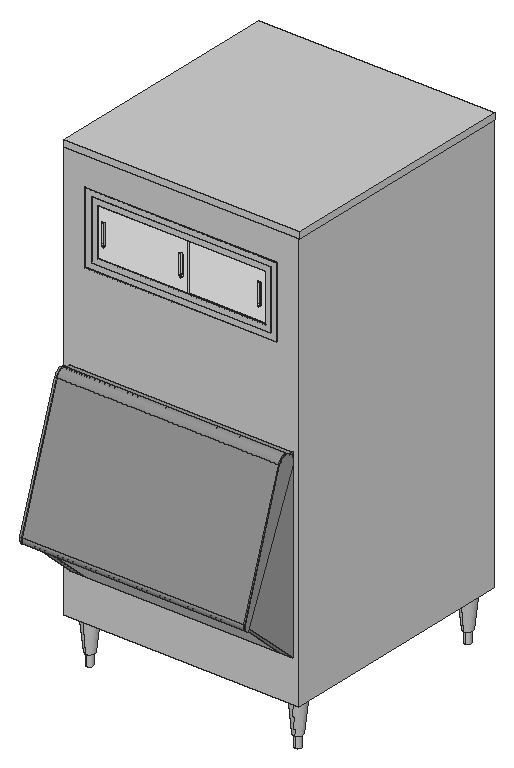
Revit family "QF_HOSHIZAKI_SG700-30", category Specialty Equipment, Revit 2016
Family settings
  Part Type = Normal
  Round Connector Dimension = Use Diameter
  OmniClass Number = 23.40.40.14
  OmniClass Title = Food Service Equipment
  Work Plane-Based = No
  Always vertical = Yes
  Cut with Voids When Loaded = No
  Shared = No
  Room Calculation Point = No
Parameters (values of type "SG700-30")
  Weight = 100.00 kg
  Waste Remarks [instance] = ""
  URL Cutsheet = ""
  URL = "www.hoshizaki-europe.com"
  Status [instance] = ""
  Specification by User [instance] = ""
  Specification by Manufacturer [instance] = ""
  Serial Number = ""
  Seismic Rating = ""
  SMACNA No = ""
  Revision Code [instance] = ""
  NAFEM Spec ID Number = ""
  Model = "SG700-30"
  Masterspec = ""
  Manufacturer = "HOSHIZAKI"
  Length Actual = 762 mm
  Item Number [instance] = ""
  Installed By [instance] = ""
  Indirect Waste Size = 25.4 mm
  Indirect Waste Connection Type [instance] = ""
  Indirect Waste Connection Height [instance] = 147 mm
  Identify Quantity as Lot [instance] = no
  Height Actual = 1524 mm
  Furnished By [instance] = ""
  Foodservice Equipment Identifier [instance] = yes
  Direct Waste RI Height [instance] = 0 mm
  Description = "UPRIGHT STORAGE BIN, 308KG BIN CAPACITY"
  Depth Actual = 787 mm
  Cost = 0
  CSI MasterFormat = ""
  Assembly Code = "E1090320"
  Accessory = no
Reference planes
  plane 1 "Center (Front/Back)": y = 0
  plane 2: z = 0
  plane 3 "Center (Left/Right)": x = 0
Forms (mm)
  Extrusion 1, solid, not visible
    sketch origin (380, -395, 146) x (1, 0, 0) y (0, 1, 0)
      loop
        line (0, 0) -> (2, 0) -> (2, 2) -> (0, 2) -> (0, 0)
    from 0 to 2
Dimensions and locks
  aligned and locked: level to plane 2
Nested families
  nested 1: "QF_HOSHIZAKI_SG-700-30" at (0, 0, 0), type "SG700-30"
    with Waste Water Discharge Temperature 0 °C, Status "", Specification by User "", Show Clearance yes, Revision Code "", Plumbing Remarks "", Plumbing Connection Type "", Item Number "", Installed By "", Indirect Waste Connection Type "", Indirect Waste Connection Height 147 mm, Identify Quantity as Lot no, Furnished By "", Foodservice Equipment Identifier yes
Connectors
  piping at (381, -393, 147), diameter 25.4, driven by "Indirect Waste Size"
    settings: on Extrusion 1, index 1, connector inside diameter 609.6 mm, connector length 0 mm, flow factor 0, pipe flow 0.0 L/s, pressure drop 0.0 Pa, fitting loss kfactor 0, connector angle 0.00°, fixture units 0, engagement length 0 mm, angle of deflection 0.00°, flow configuration 1, flow direction 2, fitting loss method 0, system type 16, joint type 0, gender type 0, connector reference index -1, connector utility 0, adjustable connector no, is connector primary yes, connector description "Drain connection for 'SG700-30'"
Definition of nested family "QF_HOSHIZAKI_SG-700-30"
  Parameters (values of type "SG700-30")
    Weight in Pounds = 220.462
    Waste Water Discharge Temperature [instance] = 0 °C
    URL Cutsheet = "www.hoshizaki-europe.com"
    URL = "www.hoshizaki-europe.com"
    Status [instance] = ""
    Specification by User [instance] = ""
    Specification by Manufacturer = ""
    Show Clearance [instance] = yes
    Serial Number = ""
    Seismic Rating = ""
    SMACNA No = ""
    Revision Code [instance] = ""
    Plumbing Remarks [instance] = ""
    Plumbing Connection Type [instance] = ""
    NAFEM Spec ID Number = ""
    Model = "SG700-30"
    Masterspec = ""
    Manufacturer = "HOSHIZAKI"
    Item Number [instance] = ""
    Installed By [instance] = ""
    Indirect Waste Size = 25.4 mm
    Indirect Waste Flow = 0.0 L/s
    Indirect Waste Connection Type [instance] = ""
    Indirect Waste Connection Height [instance] = 147 mm
    Identify Quantity as Lot [instance] = no
    Furnished By [instance] = ""
    Foodservice Equipment Identifier [instance] = yes
    Description = "UPRIGHT STORAGE BIN, 308KG BIN CAPACITY"
    CSI MasterFormat = ""
    Assembly Code = "E1090320"
  Types (2, lengths in mm): name | Indirect Waste Size | Indirect Waste Connection Height | Identify Quantity as Lot
    (no name) | 0 | 0 | yes
    SG700-30 | 25.4 | 147 | no
  Values of the unnamed type that differ from the named types
    Weight in Pounds = 0
    Waste Water Discharge Temperature = -273.15 °C
    URL Cutsheet = ""
    URL = ""
    Model = ""
    Manufacturer = ""
    Description = ""
  Reference planes
    plane 1 "Back": y = 0
    plane 2: z = 0
    plane 3 "Left": x = 0
    plane 4 "Right": x = 762
    plane 5 "Front": y = -787
    plane 6 "Top": z = 1524
    plane 7: z = 888
    plane 8: z = 152
  Forms (mm)
    Extrusion 1, solid
      sketch origin (44.953, -123.309, 1504) x (1, 0, 0) y (0, 1, 0)
        loop
          line (-44.453, -663.691) -> (717.047, -663.691) -> (717.047, 123.309) -> (-44.453, 123.309) -> (-44.453, -663.691)
      from 0 to 20
    Extrusion 2, solid
      sketch origin (0, 0, -478) x (1, 0, 0) y (0, 1, 0)
        loop
          line (2.5, -2) -> (2.5, -787) -> (21, -787) -> (21, -777) -> (12.5, -777) -> (12.5, -12) -> (750, -12) -> (750, -777) -> (739, -777) -> (739, -787) -> (760, -787) -> (760, -2) -> (2.5, -2)
      from 1982 to 630
    Extrusion 3, solid
      sketch origin (0, 227, 881.182) x (1, 0, 0) y (0, 1, 0)
        loop
          line (21, -1004) -> (21, -1014) -> (739, -1014) -> (739, -1004) -> (21, -1004)
      from 0 to 298
    Extrusion 4, solid
      sketch origin (0, 227, 152) x (1, 0, 0) y (0, 1, 0)
        loop
          line (21, -1004) -> (21, -1014) -> (739, -1014) -> (739, -1004) -> (21, -1004)
      from 0 to 133
    Extrusion 5, solid
      sketch origin (0, 0, 152) x (1, 0, 0) y (0, 1, 0)
        loop
          line (12.5, -12) -> (12.5, -777) -> (750, -777) -> (750, -12) -> (12.5, -12)
      from 0 to 10
    Extrusion 6, solid
      sketch origin (23.5, 227, -808.51) x (0, 1, 0) y (0, 0, 1)
        loop
          line (-1014, 1093.51) -> (-1014, 1689.692) -> (-1204.884, 1271.512) -> (-1014, 1093.51)
      from 0 to 40
    Extrusion 7, solid
      sketch origin (17.5, 227, -625.612) x (0, 1, 0) y (0, 0, 1)
        loop
          line (-1200.443, 1069.621) -> (-1020.638, 1473.472)
          arc (-1020.638, 1473.472) -> (-1019.885, 1495.029) -> (-1034.318, 1511.059) r 28.791
          arc (-1034.318, 1511.059) -> (-1056.107, 1511.433) -> (-1070.389, 1494.974) r 25.765
          line (-1070.389, 1494.974) -> (-1209.984, 1092.316)
          arc (-1209.984, 1092.316) -> (-1209.56, 1079.141) -> (-1200.443, 1069.621) r 18.424
      from 0 to 5
    Extrusion 8, solid
      sketch origin (0, 227, -808.51) x (0, 1, 0) y (0, 0, 1)
        loop
          line (-1014, 1093.51) -> (-1004, 1093.51) -> (-1004, 1136.665) -> (-1014, 1136.665) -> (-1193.423, 1296.863) -> (-1204.884, 1271.512) -> (-1014, 1093.51)
      from 63.5 to 699
    Extrusion 9, solid
      sketch origin (71.5, 227, -625.612) x (0, 1, 0) y (0, 0, 1)
        loop
          line (-1205.434, 1093.235) -> (-1067.773, 1489.107)
          arc (-1067.773, 1489.107) -> (-1046.348, 1508.033) -> (-1024.628, 1489.446) r 21.785
          line (-1024.628, 1489.446) -> (-1014, 1506.794) -> (-1027.917, 1506.794)
          arc (-1027.917, 1506.794) -> (-1052.453, 1512.742) -> (-1070.389, 1494.974) r 25.892
          line (-1070.389, 1494.974) -> (-1209.984, 1092.316)
          arc (-1209.984, 1092.316) -> (-1209.56, 1079.141) -> (-1200.443, 1069.621) r 18.424
          line (-1200.443, 1069.621) -> (-1198.044, 1073.979)
          arc (-1198.044, 1073.979) -> (-1205.26, 1082.256) -> (-1205.434, 1093.235) r 15.987
      from 668.5 to -49
    Extrusion 10, solid, visible <- "Show Clearance", detail levels coarse
      sketch origin (0, 227, -919.328) x (0, 1, 0) y (0, 0, 1)
        loop
          arc (-1016, 2219.48) -> (-1478.032, 1870.238) -> (-1198.979, 1362.722) r 442.655
          arc (-1198.979, 1362.722) -> (-1209.011, 1371.672) -> (-1210.292, 1385.055) r 18.424
          line (-1210.292, 1385.055) -> (-1070.262, 1788.97)
          arc (-1070.262, 1788.97) -> (-1061.432, 1801.468) -> (-1047.295, 1807.328) r 27.556
          line (-1047.295, 1807.328) -> (-1016, 1807.328) -> (-1016, 2219.48)
      from 17.5 to 745
    Extrusion 11, solid
      sketch origin (740, 227, -625.612) x (0, 1, 0) y (0, 0, 1)
        loop
          line (-1200.443, 1069.621) -> (-1020.638, 1473.472)
          arc (-1020.638, 1473.472) -> (-1019.885, 1495.029) -> (-1034.318, 1511.059) r 28.791
          arc (-1034.318, 1511.059) -> (-1056.107, 1511.433) -> (-1070.389, 1494.974) r 25.765
          line (-1070.389, 1494.974) -> (-1209.984, 1092.316)
          arc (-1209.984, 1092.316) -> (-1209.56, 1079.141) -> (-1200.443, 1069.621) r 18.424
      from 0 to 5
    Extrusion 12, solid
      sketch origin (699, 227, -808.51) x (0, 1, 0) y (0, 0, 1)
        loop
          line (-1014, 1093.51) -> (-1014, 1689.692) -> (-1204.884, 1271.512) -> (-1014, 1093.51)
      from 0 to 40
    Extrusion 13, solid
      sketch origin (0, 227, 1413.364) x (1, 0, 0) y (0, 1, 0)
        loop
          line (21, -1004) -> (21, -1014) -> (739, -1014) -> (739, -1004) -> (21, -1004)
      from 0 to 90.636
    Extrusion 14, solid
      sketch origin (0, 0, -477) x (1, 0, 0) y (0, 1, 0)
        loop
          line (21, -782) -> (21, -787) -> (70, -787) -> (70, -782) -> (21, -782)
        loop
          line (739, -782) -> (692, -782) -> (692, -787) -> (739, -787) -> (739, -782)
      from 1656.182 to 1890.364
    Extrusion 15, solid
      sketch origin (0, -777, -477) x (1, 0, 0) y (0, 0, 1)
        loop
          line (72, 1888.364) -> (72, 1658.182) -> (690, 1658.182) -> (690, 1888.364) -> (72, 1888.364)
        loop
          line (90, 1870.364) -> (90, 1676.182) -> (672, 1676.182) -> (672, 1870.364) -> (90, 1870.364)
        loop
          line (92, 1868.364) -> (92, 1678.182) -> (670, 1678.182) -> (670, 1868.364) -> (92, 1868.364)
        loop
          line (110, 1850.364) -> (110, 1696.182) -> (652, 1696.182) -> (652, 1850.364) -> (110, 1850.364)
      from 0 to 10
    Extrusion 16, solid
      sketch origin (0, -782, -477) x (1, 0, 0) y (0, 0, 1)
        loop
          line (112, 1848.364) -> (112, 1698.182) -> (401, 1698.182) -> (401, 1848.364) -> (112, 1848.364)
        loop
          arc (123.23, 1743.273) -> (130.73, 1735.773) -> (138.23, 1743.273) r 7.5
          line (138.23, 1743.273) -> (138.23, 1803.273)
          arc (138.23, 1803.273) -> (130.73, 1810.773) -> (123.23, 1803.273) r 7.5
          line (123.23, 1803.273) -> (123.23, 1743.273)
        loop
          line (387.77, 1743.273) -> (387.77, 1803.273)
          arc (387.77, 1803.273) -> (380.27, 1810.773) -> (372.77, 1803.273) r 7.5
          line (372.77, 1803.273) -> (372.77, 1743.273)
          arc (372.77, 1743.273) -> (380.27, 1735.773) -> (387.77, 1743.273) r 7.5
      from 0 to 5
    Extrusion 17, solid
      sketch origin (249, -776.5, -477) x (1, 0, 0) y (0, 0, 1)
        loop
          line (112, 1848.364) -> (112, 1698.182) -> (401, 1698.182) -> (401, 1848.364) -> (112, 1848.364)
        loop
          arc (123.23, 1743.273) -> (130.73, 1735.773) -> (138.23, 1743.273) r 7.5
          line (138.23, 1743.273) -> (138.23, 1803.273)
          arc (138.23, 1803.273) -> (130.73, 1810.773) -> (123.23, 1803.273) r 7.5
          line (123.23, 1803.273) -> (123.23, 1743.273)
        loop
          line (387.77, 1743.273) -> (387.77, 1803.273)
          arc (387.77, 1803.273) -> (380.27, 1810.773) -> (372.77, 1803.273) r 7.5
          line (372.77, 1803.273) -> (372.77, 1743.273)
          arc (372.77, 1743.273) -> (380.27, 1735.773) -> (387.77, 1743.273) r 7.5
      from 0 to 5
    Revolve 18, solid
      sketch origin (45, -703.995, 0) x (0, 1, 0) y (0, 0, 1)
        loop
          line (-6.036, 152) -> (-33.005, 152) -> (-33.005, 0) -> (-23.005, 0) -> (-23.005, 38.119) -> (-18.005, 38.119) -> (-6.036, 152)
        axis (-33.005, 152) -> (-33.005, 0)
      angle from 0 to 360
    Revolve 19, solid
      sketch origin (717.5, -703.995, 0) x (0, 1, 0) y (0, 0, -1)
        loop
          line (-6.036, -152) -> (-18.005, -38.119) -> (-23.005, -38.119) -> (-23.005, 0) -> (-33.005, 0) -> (-33.005, -152) -> (-6.036, -152)
        axis (-33.005, -152) -> (-33.005, 0)
      angle from 0 to 360
    Revolve 20, solid
      sketch origin (45, -85.005, 0) x (0, -1, 0) y (0, 0, -1)
        loop
          line (-6.036, -152) -> (-18.005, -38.119) -> (-23.005, -38.119) -> (-23.005, 0) -> (-33.005, 0) -> (-33.005, -152) -> (-6.036, -152)
        axis (-33.005, -152) -> (-33.005, 0)
      angle from 0 to 360
    Revolve 21, solid
      sketch origin (717.5, -85.005, 0) x (0, -1, 0) y (0, 0, 1)
        loop
          line (-6.036, 152) -> (-33.005, 152) -> (-33.005, 0) -> (-23.005, 0) -> (-23.005, 38.119) -> (-18.005, 38.119) -> (-6.036, 152)
        axis (-33.005, 152) -> (-33.005, 0)
      angle from 0 to 360
    Extrusion 22, solid
      sketch origin (0, -393, 147) x (1, 0, 0) y (0, 1, 0)
        loop
          circle (381.25, 0) r 12.5
      from 0 to 5
  Cuts and joins
    joined: Extrusion 2, Extrusion 3, Extrusion 4, Extrusion 13, Extrusion 14
  Lines and regions (mm)
    symbolic lines
      curve 1: line (0, 0, 0) -> (762, 0, 0)
      curve 2: line (0, -787, 0) -> (0, 0, 0)
      curve 3: line (762, -787, 0) -> (0, -787, 0)
      curve 4: line (762, 0, 0) -> (762, -787, 0)
      curve 8: line (17.5, -984, 0) -> (17.5, -787, 0)
      curve 9: line (17.5, -984, 0) -> (745, -984, 0)
      curve 10: line (745, -984, 0) -> (745, -787, 0)
    symbolic lines, visible <- "Show Clearance", detail levels coarse
      curve 5: line (17.5, -984, 0) -> (17.5, -1260.795, 0)
      curve 6: line (17.5, -1260.795, 0) -> (745, -1260.795, 0)
      curve 7: line (745, -1260.795, 0) -> (745, -984, 0)
  Dimensions and locks
    aligned and locked: level to plane 2
  Connectors
    piping at (381.25, -393, 147), diameter 25.4, driven by "Indirect Waste Size", driven by "Indirect Waste Flow"
      settings: on Extrusion 22, index 1, connector inside diameter 609.6 mm, connector length 0 mm, flow factor 0, pipe flow 0.0 L/s, pressure drop 0.0 Pa, fitting loss kfactor 0, connector angle 0.00°, fixture units 0, engagement length 0 mm, angle of deflection 0.00°, flow configuration 1, flow direction 2, fitting loss method 0, system type 16, joint type 0, gender type 0, connector reference index -1, connector utility 0, adjustable connector no, is connector primary yes, connector description "Indirect Waste Connection"
